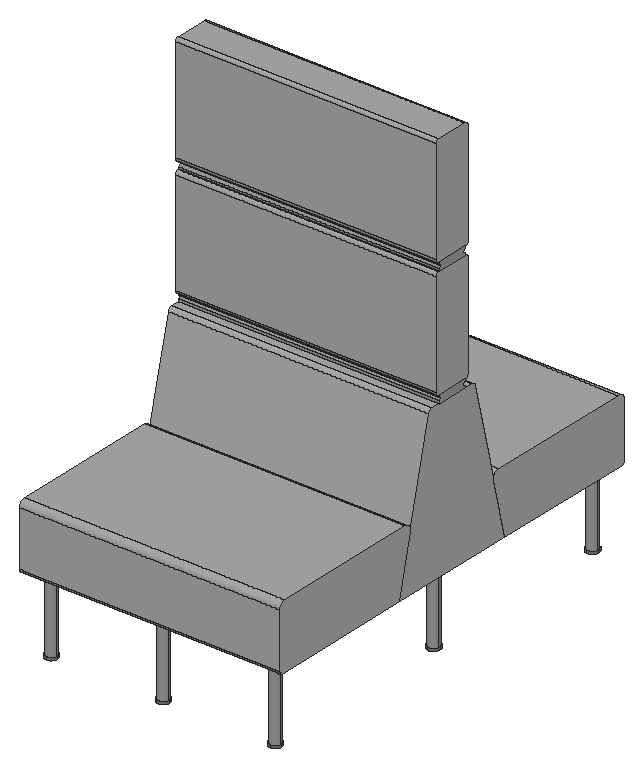
Revit family "Hive Straight Double Bench, Legs, Two Screens", category Furniture, Revit 2020
Family settings
  OmniClass Number = 23.40.20.00
  OmniClass Title = General Furniture and Specialties
  Work Plane-Based = No
  Always vertical = Yes
  Cut with Voids When Loaded = No
  Shared = No
  Room Calculation Point = No
Parameters (values of type "3150")
  UK Secondary Seat Count = 2
  UK Primary Seat Count = 2
  Seat Upholstery [instance] = Fabric, Unspecified
  Seat Top Upholstery [instance] = Fabric, Unspecified
  Screen Two Upholstery [instance] = Fabric, Unspecified
  Screen Two Top Upholstery [instance] = Fabric, Unspecified
  Screen One Upholstery [instance] = Fabric, Unspecified
  Screen One Top Upholstery [instance] = Fabric, Unspecified
  Screen 2 [instance] = yes
  Screen 1 [instance] = yes
  Power Module Screen 2 Front [instance] = no
  Power Module Screen 2 Back [instance] = no
  Power Module Screen 1 Front [instance] = no
  Power Module Screen 1 Back [instance] = no
  Plug = Palmer Hamilton Black Plastic
  Plate = Palmer Hamilton Alum
  No Legs [instance] = not(Legs)  # no
  Model = "SHL4C"
  Length = 2' - 7 127/256"
  Legs [instance] = yes
  LegRightOffset [instance] = if(Center Right Leg, 0' 0", 0' 2 3/16")  # 0' - 2 3/16"
  LegLeftOffset [instance] = if(Center Left Leg, 0' 0", 0' 2 3/16")  # 0' - 2 3/16"
  Leg [instance] = Palmer Hamilton - Aluminum
  Joint [instance] = Palmer Hamilton - Aluminum
  HS Seat Count = 2
  ES Seat Count = 2
  Default Elevation = 0' - 0"
  Cost = 2
  Center Right Leg [instance] = no
  Center Left Leg [instance] = no
  Back Upholstery [instance] = Fabric, Unspecified
  Back Top Upholstery [instance] = Fabric, Unspecified
Types (4): name | UK Secondary Seat Count | UK Primary Seat Count | Model | Length | HS Seat Count | ES Seat Count | Cost
  (no name) | 2 | 2 | "SHL4C" | 2' - 7 127/256" | 2 | 2 | 2
  4725 | 4 | 4 | "SHL5C" | 3' - 11 31/128" | 4 | 4 | 4
  6300 | 6 | 6 | "SHL6C" | 5' - 2 127/128" | 6 | 6 | 6
  3150 | 2 | 2 | "SHL4C" | 2' - 7 127/256" | 2 | 2 | 2
Reference planes (in)
  plane 1 "Center Front/Back": y = 0
  plane 2: z = 0
  plane 3 "Center Left/Right": x = 0
  plane 4: z = 1.25
  plane 5: x = -15.74805
  plane 6: x = -13.56055
  plane 7: x = 13.56055
  plane 8: x = 15.74805
Forms (in)
  Extrusion 1, solid, material "Palmer Hamilton Alum" <- "Plate", not visible
    sketch origin (7.98653, 21.60823, 0) x (1, 0, 0) y (0, 1, 0)
      loop
        line (0.875, 3.25) -> (-0.875, 3.25)
        arc (-0.875, 3.25) -> (-1.14017, 3.14017) -> (-1.25, 2.875) r 0.375
        line (-1.25, 2.875) -> (-1.25, -2.875)
        arc (-1.25, -2.875) -> (-1.14017, -3.14017) -> (-0.875, -3.25) r 0.375
        line (-0.875, -3.25) -> (0.875, -3.25)
        arc (0.875, -3.25) -> (1.14017, -3.14017) -> (1.25, -2.875) r 0.375
        line (1.25, -2.875) -> (1.25, 2.875)
        arc (1.25, 2.875) -> (1.14017, 3.14017) -> (0.875, 3.25) r 0.375
    from 0 to 0.0598
  Blend 2, solid, material "Palmer Hamilton Black Plastic" <- "Plug", not visible
    base sketch origin (7.98653, 21.60823, 0) x (1, 0, 0) y (0, 1, 0)
      loop
        line (-0.535, 1.788) -> (-0.535, 0.718) -> (0.535, 0.718) -> (0.535, 1.788) -> (-0.535, 1.788)
    top sketch origin (7.98653, 21.60823, 0) x (1, 0, 0) y (0, 1, 0)
      loop
        line (-0.46894, 1.72894) -> (-0.46894, 0.78406) -> (0.47594, 0.78406) -> (0.47594, 1.72894) -> (-0.46894, 1.72894)
    from 0.0598 to 0.1378
  Blend 3, solid, material "Palmer Hamilton Black Plastic" <- "Plug", not visible
    base sketch origin (7.98653, 21.60823, 0) x (1, 0, 0) y (0, 1, 0)
      loop
        line (-0.535, -1.788) -> (0.535, -1.788) -> (0.535, -0.718) -> (-0.535, -0.718) -> (-0.535, -1.788)
    top sketch origin (7.98653, 21.60823, 0) x (1, 0, 0) y (0, 1, 0)
      loop
        line (-0.46894, -1.72894) -> (0.47594, -1.72894) -> (0.47594, -0.78406) -> (-0.46894, -0.78406) -> (-0.46894, -1.72894)
    from 0.0598 to 0.1378
  Extrusion 4, solid, material "Palmer Hamilton Black Plastic" <- "Plug", not visible
    sketch origin (7.98653, 21.60823, 0) x (1, 0, 0) y (0, 1, 0)
      loop
        line (-0.288, 0.2665) -> (-0.288, -0.2665) -> (0.288, -0.2665) -> (0.288, 0.2665) -> (-0.288, 0.2665)
      loop
        line (-0.18864, 0.20185) -> (-0.18864, -0.20575) -> (-0.06116, -0.20575) -> (-0.06116, 0.20185) -> (-0.18864, 0.20185)
      loop
        line (0.06115, 0.20185) -> (0.06115, -0.20575) -> (0.18863, -0.20575) -> (0.18863, 0.20185) -> (0.06115, 0.20185)
    from 0.0598 to 0.11052
  Extrusion 5, void, not visible
    sketch origin (7.98653, 21.60823, 0) x (1, 0, 0) y (0, 1, 0)
      loop
        arc (-0.1165, 1.49056) -> (0.0035, 1.37056) -> (0.1235, 1.49056) r 0.12
        line (0.1235, 1.49056) -> (0.1235, 1.61056) -> (-0.1165, 1.61056) -> (-0.1165, 1.49056)
      loop
        line (-0.30278, 1.19556) -> (-0.30278, 0.84957) -> (-0.18628, 0.84957) -> (-0.18628, 1.19556) -> (-0.30278, 1.19556)
      loop
        line (0.19722, 1.16331) -> (0.19722, 0.88182) -> (0.31372, 0.88182) -> (0.31372, 1.16331) -> (0.19722, 1.16331)
    from 0.0598 to 0.1378
  Extrusion 6, void, not visible
    sketch origin (7.98653, 21.60823, 0) x (1, 0, 0) y (0, 1, 0)
      loop
        line (-0.1165, -1.49056) -> (-0.1165, -1.61056) -> (0.1235, -1.61056) -> (0.1235, -1.49056)
        arc (0.1235, -1.49056) -> (0.0035, -1.37056) -> (-0.1165, -1.49056) r 0.12
      loop
        line (-0.30278, -1.19556) -> (-0.18628, -1.19556) -> (-0.18628, -0.84957) -> (-0.30278, -0.84957) -> (-0.30278, -1.19556)
      loop
        line (0.19722, -1.16331) -> (0.31372, -1.16331) -> (0.31372, -0.88182) -> (0.19722, -0.88182) -> (0.19722, -1.16331)
    from 0.0598 to 0.1378
  Extrusion 7, solid, material "Fabric, Unspecified" <- "Back Upholstery", visible <- "No Legs"
    sketch origin (0.125, -48.4484, 0) x (0, -1, 0) y (0, 0, 1)
      loop
        line (-38.40629, 1.26168) -> (-44.97839, 27.62096)
        arc (-44.97839, 27.62096) -> (-45.15571, 27.89401) -> (-45.46354, 28) r 0.5
        line (-45.46354, 28) -> (-51.43326, 28)
        arc (-51.43326, 28) -> (-51.74109, 27.89401) -> (-51.91841, 27.62096) r 0.5
        line (-51.91841, 27.62096) -> (-58.49051, 1.26168) -> (-38.40629, 1.26168)
    from -15.62305 to 15.87305
  Extrusion 8, solid, material "Fabric, Unspecified" <- "Back Upholstery", visible <- "Legs"
    sketch origin (0.125, -48.4484, 0) x (0, -1, 0) y (0, 0, 1)
      loop
        line (-56.51438, 9.1875) -> (-40.38242, 9.1875) -> (-44.97839, 27.62096)
        arc (-44.97839, 27.62096) -> (-45.15571, 27.89401) -> (-45.46354, 28) r 0.5
        line (-45.46354, 28) -> (-51.43326, 28)
        arc (-51.43326, 28) -> (-51.74109, 27.89401) -> (-51.91841, 27.62096) r 0.5
        line (-51.91841, 27.62096) -> (-56.51438, 9.1875)
    from -15.62305 to 15.87305
  Extrusion 9, solid, material "Fabric, Unspecified" <- "Seat Upholstery", visible <- "Legs"
    sketch origin (0.125, -48.4484, 0) x (0, -1, 0) y (0, 0, 1)
      loop
        line (-74.43133, 16.25) -> (-74.43133, 9.5625)
        arc (-74.43133, 9.5625) -> (-74.32149, 9.29733) -> (-74.05633, 9.1875) r 0.375
        line (-74.05633, 9.1875) -> (-56.51438, 9.1875) -> (-54.79874, 16.06856)
        arc (-54.79874, 16.06856) -> (-54.93546, 16.71175) -> (-55.52647, 17) r 0.75
        line (-55.52647, 17) -> (-73.68133, 17)
        arc (-73.68133, 17) -> (-74.21166, 16.78033) -> (-74.43133, 16.25) r 0.75
    from -15.62305 to 15.87305
  Extrusion 10, solid, material "Fabric, Unspecified" <- "Seat Upholstery", visible <- "No Legs"
    sketch origin (0.125, -48.4484, 0) x (0, -1, 0) y (0, 0, 1)
      loop
        line (-74.46761, 16.06856) -> (-70.77293, 1.25) -> (-58.51598, 1.25) -> (-54.82129, 16.06856)
        arc (-54.82129, 16.06856) -> (-54.95801, 16.71175) -> (-55.54902, 17) r 0.75
        line (-55.54902, 17) -> (-73.73989, 17)
        arc (-73.73989, 17) -> (-74.3309, 16.71175) -> (-74.46761, 16.06856) r 0.75
    from -15.62305 to 15.87305
  Extrusion 11, solid, material "Palmer Hamilton - Aluminum" <- "Joint", visible <- "Screen 1"
    sketch origin (0.125, -48.45078, 0) x (0, -1, 0) y (0, 0, 1)
      loop
        line (-50.4124, 29) -> (-50.4124, 28.75) -> (-50.1624, 28.5) -> (-50.4124, 28.25) -> (-50.4124, 28) -> (-46.58858, 28) -> (-46.58858, 28.25) -> (-46.83858, 28.5) -> (-46.58858, 28.75) -> (-46.58858, 29) -> (-50.4124, 29)
    from -15.62305 to 15.87305
  Extrusion 12, solid, material "Fabric, Unspecified" <- "Screen One Upholstery", visible <- "Screen 1"
    sketch origin (0.125, -48.45078, 0) x (0, -1, 0) y (0, 0, 1)
      loop
        line (-50.81299, 42) -> (-50.81299, 29.375)
        arc (-50.81299, 29.375) -> (-50.70315, 29.10983) -> (-50.43799, 29) r 0.375
        line (-50.43799, 29) -> (-46.46358, 29)
        arc (-46.46358, 29) -> (-46.19842, 29.10983) -> (-46.08858, 29.375) r 0.375
        line (-46.08858, 29.375) -> (-46.08858, 42)
        arc (-46.08858, 42) -> (-46.19842, 42.26517) -> (-46.46358, 42.375) r 0.375
        line (-46.46358, 42.375) -> (-50.43799, 42.375)
        arc (-50.43799, 42.375) -> (-50.70315, 42.26517) -> (-50.81299, 42) r 0.375
    from -15.62305 to 15.87305
  Extrusion 13, solid, material "Fabric, Unspecified" <- "Seat Upholstery", visible <- "Legs"
    sketch origin (0.125, 48.45317, 0) x (0, 1, 0) y (0, 0, -1)
      loop
        arc (-74.43133, -16.25) -> (-74.21166, -16.78033) -> (-73.68133, -17) r 0.75
        line (-73.68133, -17) -> (-55.52647, -17)
        arc (-55.52647, -17) -> (-54.93546, -16.71175) -> (-54.79874, -16.06856) r 0.75
        line (-54.79874, -16.06856) -> (-56.51438, -9.1875) -> (-74.05633, -9.1875)
        arc (-74.05633, -9.1875) -> (-74.32149, -9.29733) -> (-74.43133, -9.5625) r 0.375
        line (-74.43133, -9.5625) -> (-74.43133, -16.25)
    from -15.62305 to 15.87305
  Extrusion 14, solid, material "Fabric, Unspecified" <- "Seat Upholstery", visible <- "No Legs"
    sketch origin (0.125, 48.45317, 0) x (0, 1, 0) y (0, 0, -1)
      loop
        arc (-74.46761, -16.06856) -> (-74.3309, -16.71175) -> (-73.73989, -17) r 0.75
        line (-73.73989, -17) -> (-55.54902, -17)
        arc (-55.54902, -17) -> (-54.95801, -16.71175) -> (-54.82129, -16.06856) r 0.75
        line (-54.82129, -16.06856) -> (-58.51598, -1.25) -> (-70.77293, -1.25) -> (-74.46761, -16.06856)
    from -15.62305 to 15.87305
  Extrusion 15, solid, material "Palmer Hamilton - Aluminum" <- "Joint", visible <- "Screen 2"
    sketch origin (0.125, -48.45078, 14.375) x (0, -1, 0) y (0, 0, 1)
      loop
        line (-50.4124, 29) -> (-50.4124, 28.75) -> (-50.1624, 28.5) -> (-50.4124, 28.25) -> (-50.4124, 28) -> (-46.58858, 28) -> (-46.58858, 28.25) -> (-46.83858, 28.5) -> (-46.58858, 28.75) -> (-46.58858, 29) -> (-50.4124, 29)
    from -15.62305 to 15.87305
  Extrusion 16, solid, material "Fabric, Unspecified" <- "Screen Two Upholstery", visible <- "Screen 2"
    sketch origin (0.125, -48.45078, 14.375) x (0, -1, 0) y (0, 0, 1)
      loop
        line (-50.81299, 42) -> (-50.81299, 29.375)
        arc (-50.81299, 29.375) -> (-50.70315, 29.10983) -> (-50.43799, 29) r 0.375
        line (-50.43799, 29) -> (-46.46358, 29)
        arc (-46.46358, 29) -> (-46.19842, 29.10983) -> (-46.08858, 29.375) r 0.375
        line (-46.08858, 29.375) -> (-46.08858, 42)
        arc (-46.08858, 42) -> (-46.19842, 42.26517) -> (-46.46358, 42.375) r 0.375
        line (-46.46358, 42.375) -> (-50.43799, 42.375)
        arc (-50.43799, 42.375) -> (-50.70315, 42.26517) -> (-50.81299, 42) r 0.375
    from -15.62305 to 15.87305
  Extrusion 17, solid, material "Palmer Hamilton Alum" <- "Plate", visible <- "Power Module Screen 1 Front"
    sketch origin (-13.45651, -2.3622, 35.6875) x (1, 0, 0) y (0, 0, 1)
      loop
        line (14.33151, 3.25) -> (12.58151, 3.25)
        arc (12.58151, 3.25) -> (12.31635, 3.14017) -> (12.20651, 2.875) r 0.375
        line (12.20651, 2.875) -> (12.20651, -2.875)
        arc (12.20651, -2.875) -> (12.31635, -3.14017) -> (12.58151, -3.25) r 0.375
        line (12.58151, -3.25) -> (14.33151, -3.25)
        arc (14.33151, -3.25) -> (14.59668, -3.14017) -> (14.70651, -2.875) r 0.375
        line (14.70651, -2.875) -> (14.70651, 2.875)
        arc (14.70651, 2.875) -> (14.59668, 3.14017) -> (14.33151, 3.25) r 0.375
    from 0 to 0.0598
  Blend 18, solid, material "Palmer Hamilton Black Plastic" <- "Plug", visible <- "Power Module Screen 1 Front"
    base sketch origin (-13.45651, -2.3622, 35.6875) x (1, 0, 0) y (0, 0, 1)
      loop
        line (12.92151, 1.788) -> (12.92151, 0.718) -> (13.99151, 0.718) -> (13.99151, 1.788) -> (12.92151, 1.788)
    top sketch origin (-13.45651, -2.3622, 35.6875) x (1, 0, 0) y (0, 0, 1)
      loop
        line (12.98758, 1.72894) -> (12.98758, 0.78406) -> (13.93246, 0.78406) -> (13.93246, 1.72894) -> (12.98758, 1.72894)
    from 0.0598 to 0.1378
  Blend 19, solid, material "Palmer Hamilton Black Plastic" <- "Plug", visible <- "Power Module Screen 1 Front"
    base sketch origin (-13.45651, -2.3622, 35.6875) x (1, 0, 0) y (0, 0, 1)
      loop
        line (12.92151, -1.788) -> (13.99151, -1.788) -> (13.99151, -0.718) -> (12.92151, -0.718) -> (12.92151, -1.788)
    top sketch origin (-13.45651, -2.3622, 35.6875) x (1, 0, 0) y (0, 0, 1)
      loop
        line (12.98758, -1.72894) -> (13.93246, -1.72894) -> (13.93246, -0.78406) -> (12.98758, -0.78406) -> (12.98758, -1.72894)
    from 0.0598 to 0.1378
  Extrusion 20, solid, material "Palmer Hamilton Black Plastic" <- "Plug", visible <- "Power Module Screen 1 Front"
    sketch origin (-13.45651, -2.3622, 35.6875) x (1, 0, 0) y (0, 0, 1)
      loop
        line (13.16851, 0.2665) -> (13.16851, -0.2665) -> (13.74451, -0.2665) -> (13.74451, 0.2665) -> (13.16851, 0.2665)
      loop
        line (13.26788, 0.20185) -> (13.26788, -0.20575) -> (13.39536, -0.20575) -> (13.39536, 0.20185) -> (13.26788, 0.20185)
      loop
        line (13.51766, 0.20185) -> (13.51766, -0.20575) -> (13.64514, -0.20575) -> (13.64514, 0.20185) -> (13.51766, 0.20185)
    from 0.0598 to 0.11052
  Extrusion 21, solid, material "Palmer Hamilton Alum" <- "Plate", visible <- "Power Module Screen 2 Front"
    sketch origin (-13.45651, -2.3622, 50.0625) x (1, 0, 0) y (0, 0, 1)
      loop
        line (14.33151, 3.25) -> (12.58151, 3.25)
        arc (12.58151, 3.25) -> (12.31635, 3.14017) -> (12.20651, 2.875) r 0.375
        line (12.20651, 2.875) -> (12.20651, -2.875)
        arc (12.20651, -2.875) -> (12.31635, -3.14017) -> (12.58151, -3.25) r 0.375
        line (12.58151, -3.25) -> (14.33151, -3.25)
        arc (14.33151, -3.25) -> (14.59668, -3.14017) -> (14.70651, -2.875) r 0.375
        line (14.70651, -2.875) -> (14.70651, 2.875)
        arc (14.70651, 2.875) -> (14.59668, 3.14017) -> (14.33151, 3.25) r 0.375
    from 0 to 0.0598
  Blend 22, solid, material "Palmer Hamilton Black Plastic" <- "Plug", visible <- "Power Module Screen 2 Front"
    base sketch origin (-13.45651, -2.3622, 50.0625) x (1, 0, 0) y (0, 0, 1)
      loop
        line (12.92151, 1.788) -> (12.92151, 0.718) -> (13.99151, 0.718) -> (13.99151, 1.788) -> (12.92151, 1.788)
    top sketch origin (-13.45651, -2.3622, 50.0625) x (1, 0, 0) y (0, 0, 1)
      loop
        line (12.98758, 1.72894) -> (12.98758, 0.78406) -> (13.93246, 0.78406) -> (13.93246, 1.72894) -> (12.98758, 1.72894)
    from 0.0598 to 0.1378
  Blend 23, solid, material "Palmer Hamilton Black Plastic" <- "Plug", visible <- "Power Module Screen 2 Front"
    base sketch origin (-13.45651, -2.3622, 50.0625) x (1, 0, 0) y (0, 0, 1)
      loop
        line (12.92151, -1.788) -> (13.99151, -1.788) -> (13.99151, -0.718) -> (12.92151, -0.718) -> (12.92151, -1.788)
    top sketch origin (-13.45651, -2.3622, 50.0625) x (1, 0, 0) y (0, 0, 1)
      loop
        line (12.98758, -1.72894) -> (13.93246, -1.72894) -> (13.93246, -0.78406) -> (12.98758, -0.78406) -> (12.98758, -1.72894)
    from 0.0598 to 0.1378
  Extrusion 24, solid, material "Palmer Hamilton Black Plastic" <- "Plug", visible <- "Power Module Screen 2 Front"
    sketch origin (-13.45651, -2.3622, 50.0625) x (1, 0, 0) y (0, 0, 1)
      loop
        line (13.16851, 0.2665) -> (13.16851, -0.2665) -> (13.74451, -0.2665) -> (13.74451, 0.2665) -> (13.16851, 0.2665)
      loop
        line (13.26788, 0.20185) -> (13.26788, -0.20575) -> (13.39536, -0.20575) -> (13.39536, 0.20185) -> (13.26788, 0.20185)
      loop
        line (13.51766, 0.20185) -> (13.51766, -0.20575) -> (13.64514, -0.20575) -> (13.64514, 0.20185) -> (13.51766, 0.20185)
    from 0.0598 to 0.11052
  Extrusion 25, solid, material "Palmer Hamilton Alum" <- "Plate", visible <- "Power Module Screen 1 Back"
    sketch origin (-13.45651, 2.3622, 35.6875) x (1, 0, 0) y (0, 0, -1)
      loop
        arc (14.33151, -3.25) -> (14.59668, -3.14017) -> (14.70651, -2.875) r 0.375
        line (14.70651, -2.875) -> (14.70651, 2.875)
        arc (14.70651, 2.875) -> (14.59668, 3.14017) -> (14.33151, 3.25) r 0.375
        line (14.33151, 3.25) -> (12.58151, 3.25)
        arc (12.58151, 3.25) -> (12.31635, 3.14017) -> (12.20651, 2.875) r 0.375
        line (12.20651, 2.875) -> (12.20651, -2.875)
        arc (12.20651, -2.875) -> (12.31635, -3.14017) -> (12.58151, -3.25) r 0.375
        line (12.58151, -3.25) -> (14.33151, -3.25)
    from 0 to 0.0598
  Blend 26, solid, material "Palmer Hamilton Black Plastic" <- "Plug", visible <- "Power Module Screen 1 Back"
    base sketch origin (-13.45651, 2.3622, 35.6875) x (1, 0, 0) y (0, 0, -1)
      loop
        line (12.92151, -1.788) -> (13.99151, -1.788) -> (13.99151, -0.718) -> (12.92151, -0.718) -> (12.92151, -1.788)
    top sketch origin (-13.45651, 2.3622, 35.6875) x (1, 0, 0) y (0, 0, -1)
      loop
        line (12.98758, -1.72894) -> (13.93246, -1.72894) -> (13.93246, -0.78406) -> (12.98758, -0.78406) -> (12.98758, -1.72894)
    from 0.0598 to 0.1378
  Blend 27, solid, material "Palmer Hamilton Black Plastic" <- "Plug", visible <- "Power Module Screen 1 Back"
    base sketch origin (-13.45651, 2.3622, 35.6875) x (1, 0, 0) y (0, 0, -1)
      loop
        line (12.92151, 1.788) -> (12.92151, 0.718) -> (13.99151, 0.718) -> (13.99151, 1.788) -> (12.92151, 1.788)
    top sketch origin (-13.45651, 2.3622, 35.6875) x (1, 0, 0) y (0, 0, -1)
      loop
        line (12.98758, 1.72894) -> (12.98758, 0.78406) -> (13.93246, 0.78406) -> (13.93246, 1.72894) -> (12.98758, 1.72894)
    from 0.0598 to 0.1378
  Extrusion 28, solid, material "Palmer Hamilton Black Plastic" <- "Plug", visible <- "Power Module Screen 1 Back"
    sketch origin (-13.45651, 2.3622, 35.6875) x (1, 0, 0) y (0, 0, -1)
      loop
        line (13.16851, -0.2665) -> (13.74451, -0.2665) -> (13.74451, 0.2665) -> (13.16851, 0.2665) -> (13.16851, -0.2665)
      loop
        line (13.26788, -0.20185) -> (13.39536, -0.20185) -> (13.39536, 0.20575) -> (13.26788, 0.20575) -> (13.26788, -0.20185)
      loop
        line (13.51766, -0.20185) -> (13.64514, -0.20185) -> (13.64514, 0.20575) -> (13.51766, 0.20575) -> (13.51766, -0.20185)
    from 0.0598 to 0.11052
  Extrusion 29, solid, material "Palmer Hamilton Alum" <- "Plate", visible <- "Power Module Screen 2 Back"
    sketch origin (-13.45651, 2.3622, 50.0625) x (1, 0, 0) y (0, 0, -1)
      loop
        arc (14.33151, -3.25) -> (14.59668, -3.14017) -> (14.70651, -2.875) r 0.375
        line (14.70651, -2.875) -> (14.70651, 2.875)
        arc (14.70651, 2.875) -> (14.59668, 3.14017) -> (14.33151, 3.25) r 0.375
        line (14.33151, 3.25) -> (12.58151, 3.25)
        arc (12.58151, 3.25) -> (12.31635, 3.14017) -> (12.20651, 2.875) r 0.375
        line (12.20651, 2.875) -> (12.20651, -2.875)
        arc (12.20651, -2.875) -> (12.31635, -3.14017) -> (12.58151, -3.25) r 0.375
        line (12.58151, -3.25) -> (14.33151, -3.25)
    from 0 to 0.0598
  Blend 30, solid, material "Palmer Hamilton Black Plastic" <- "Plug", visible <- "Power Module Screen 2 Back"
    base sketch origin (-13.45651, 2.3622, 50.0625) x (1, 0, 0) y (0, 0, -1)
      loop
        line (12.92151, -1.788) -> (13.99151, -1.788) -> (13.99151, -0.718) -> (12.92151, -0.718) -> (12.92151, -1.788)
    top sketch origin (-13.45651, 2.3622, 50.0625) x (1, 0, 0) y (0, 0, -1)
      loop
        line (12.98758, -1.72894) -> (13.93246, -1.72894) -> (13.93246, -0.78406) -> (12.98758, -0.78406) -> (12.98758, -1.72894)
    from 0.0598 to 0.1378
  Blend 31, solid, material "Palmer Hamilton Black Plastic" <- "Plug", visible <- "Power Module Screen 2 Back"
    base sketch origin (-13.45651, 2.3622, 50.0625) x (1, 0, 0) y (0, 0, -1)
      loop
        line (12.92151, 1.788) -> (12.92151, 0.718) -> (13.99151, 0.718) -> (13.99151, 1.788) -> (12.92151, 1.788)
    top sketch origin (-13.45651, 2.3622, 50.0625) x (1, 0, 0) y (0, 0, -1)
      loop
        line (12.98758, 1.72894) -> (12.98758, 0.78406) -> (13.93246, 0.78406) -> (13.93246, 1.72894) -> (12.98758, 1.72894)
    from 0.0598 to 0.1378
  Extrusion 32, solid, material "Palmer Hamilton Black Plastic" <- "Plug", visible <- "Power Module Screen 2 Back"
    sketch origin (-13.45651, 2.3622, 50.0625) x (1, 0, 0) y (0, 0, -1)
      loop
        line (13.16851, -0.2665) -> (13.74451, -0.2665) -> (13.74451, 0.2665) -> (13.16851, 0.2665) -> (13.16851, -0.2665)
      loop
        line (13.26788, -0.20185) -> (13.39536, -0.20185) -> (13.39536, 0.20575) -> (13.26788, 0.20575) -> (13.26788, -0.20185)
      loop
        line (13.51766, -0.20185) -> (13.64514, -0.20185) -> (13.64514, 0.20575) -> (13.51766, 0.20575) -> (13.51766, -0.20185)
    from 0.0598 to 0.11052
  Extrusion 33, solid, material "Palmer Hamilton - Aluminum" <- "Leg", visible <- "Legs"
    sketch origin (0, 0, 0) x (1, 0, 0) y (0, 1, 0)
      loop
        circle (-13.56055, 23.99568) r 0.625
      loop
        circle (-13.56055, -23.9553) r 0.625
      loop
        circle (-13.56055, 0) r 0.625
    from 0.25 to 12
  Extrusion 34, solid, material "Palmer Hamilton - Aluminum" <- "Leg", visible <- "Legs"
    sketch origin (0, 0, 0) x (1, 0, 0) y (0, 1, 0)
      loop
        circle (13.56055, 23.98556) r 0.625
      loop
        circle (13.56055, 0) r 0.625
      loop
        circle (13.56055, -23.97029) r 0.625
    from 0.25 to 12
  Extrusion 35, solid, material "Palmer Hamilton Black Plastic", visible <- "Legs"
    sketch origin (0, 0, 0) x (1, 0, 0) y (0, 1, 0)
      loop
        circle (-13.56055, -23.9553) r 0.75
      loop
        circle (-13.56055, 0) r 0.75
      loop
        circle (-13.56055, 23.99568) r 0.75
    from 0 to 0.25
  Extrusion 36, solid, material "Palmer Hamilton Black Plastic", visible <- "Legs"
    sketch origin (0, 0, 0) x (1, 0, 0) y (0, 1, 0)
      loop
        circle (13.56055, 23.98556) r 0.75
      loop
        circle (13.56055, 0) r 0.75
      loop
        circle (13.56055, -23.97029) r 0.75
    from 0 to 0.25
  Extrusion 37, solid, material "Palmer Hamilton Black Plastic", visible <- "Legs"
    sketch origin (0, 0, 0) x (1, 0, 0) y (0, 1, 0)
      loop
        circle (0, 23.99063) r 0.75
      loop
        circle (0, 0) r 0.75
      loop
        circle (0, -23.95855) r 0.75
    from 0 to 0.25
  Extrusion 38, solid, material "Palmer Hamilton - Aluminum" <- "Leg", visible <- "Legs"
    sketch origin (0, 0, 0) x (1, 0, 0) y (0, 1, 0)
      loop
        circle (0, -23.95855) r 0.625
      loop
        circle (0, 0) r 0.625
      loop
        circle (0, 23.99063) r 0.625
    from 0.25 to 12
  Extrusion 39, solid, material "Palmer Hamilton Black Plastic", visible <- "No Legs"
    sketch origin (0, 0, 0) x (1, 0, 0) y (0, 1, 0)
      loop
        circle (-13.56055, 20.32453) r 0.75
      loop
        circle (-13.56055, 0) r 0.75
      loop
        circle (-13.56055, -20.31976) r 0.75
    from 0 to 2
  Extrusion 40, solid, material "Palmer Hamilton Black Plastic", visible <- "No Legs"
    sketch origin (0, 0, 0) x (1, 0, 0) y (0, 1, 0)
      loop
        circle (13.56055, 20.32453) r 0.75
      loop
        circle (13.56055, 0) r 0.75
      loop
        circle (13.56055, -20.31976) r 0.75
    from 0 to 2
  Extrusion 41, solid, material "Palmer Hamilton Black Plastic", visible <- "No Legs"
    sketch origin (0, 0, 0) x (1, 0, 0) y (0, 1, 0)
      loop
        circle (0, 20.32453) r 0.75
      loop
        circle (0, 0) r 0.75
      loop
        circle (0, -20.31976) r 0.75
    from 0 to 2
  Extrusion 42, solid, material "Palmer Hamilton Alum" <- "Plate", not visible
    sketch origin (13.45651, -24.30093, 9.20449) x (-1, 0, 0) y (0, 0.246561, -0.969127)
      loop
        arc (14.33151, -3.25) -> (14.59668, -3.14017) -> (14.70651, -2.875) r 0.375
        line (14.70651, -2.875) -> (14.70651, 2.875)
        arc (14.70651, 2.875) -> (14.59668, 3.14017) -> (14.33151, 3.25) r 0.375
        line (14.33151, 3.25) -> (12.58151, 3.25)
        arc (12.58151, 3.25) -> (12.31635, 3.14017) -> (12.20651, 2.875) r 0.375
        line (12.20651, 2.875) -> (12.20651, -2.875)
        arc (12.20651, -2.875) -> (12.31635, -3.14017) -> (12.58151, -3.25) r 0.375
        line (12.58151, -3.25) -> (14.33151, -3.25)
    from 0 to 0.0598
  Blend 43, solid, material "Palmer Hamilton Black Plastic" <- "Plug", not visible
    base sketch origin (13.45651, -24.30093, 9.20449) x (-1, 0, 0) y (0, 0.246561, -0.969127)
      loop
        line (12.92151, -1.788) -> (13.99151, -1.788) -> (13.99151, -0.718) -> (12.92151, -0.718) -> (12.92151, -1.788)
    top sketch origin (13.45651, -24.30093, 9.20449) x (-1, 0, 0) y (0, 0.246561, -0.969127)
      loop
        line (12.98758, -1.72894) -> (13.93246, -1.72894) -> (13.93246, -0.78406) -> (12.98758, -0.78406) -> (12.98758, -1.72894)
    from 0 to 0.1378
  Blend 44, solid, material "Palmer Hamilton Black Plastic" <- "Plug", not visible
    base sketch origin (13.45651, -24.30093, 9.20449) x (-1, 0, 0) y (0, 0.246561, -0.969127)
      loop
        line (12.92151, 1.788) -> (12.92151, 0.718) -> (13.99151, 0.718) -> (13.99151, 1.788) -> (12.92151, 1.788)
    top sketch origin (13.45651, -24.30093, 9.20449) x (-1, 0, 0) y (0, 0.246561, -0.969127)
      loop
        line (12.98758, 1.72894) -> (12.98758, 0.78406) -> (13.93246, 0.78406) -> (13.93246, 1.72894) -> (12.98758, 1.72894)
    from 0 to 0.1378
  Extrusion 45, solid, material "Palmer Hamilton Black Plastic" <- "Plug", not visible
    sketch origin (13.45651, -24.30093, 9.20449) x (-1, 0, 0) y (0, 0.246561, -0.969127)
      loop
        line (13.16851, -0.2665) -> (13.74451, -0.2665) -> (13.74451, 0.2665) -> (13.16851, 0.2665) -> (13.16851, -0.2665)
      loop
        line (13.26788, -0.20185) -> (13.39536, -0.20185) -> (13.39536, 0.20575) -> (13.26788, 0.20575) -> (13.26788, -0.20185)
      loop
        line (13.51766, -0.20185) -> (13.64514, -0.20185) -> (13.64514, 0.20575) -> (13.51766, 0.20575) -> (13.51766, -0.20185)
    from 0.0598 to 0.1378
  Extrusion 46, solid, material "Palmer Hamilton Alum" <- "Plate", not visible
    sketch origin (13.45651, 24.30093, 9.20449) x (-1, 0, 0) y (0, 0.246561, 0.969127)
      loop
        line (14.33151, 3.25) -> (12.58151, 3.25)
        arc (12.58151, 3.25) -> (12.31635, 3.14017) -> (12.20651, 2.875) r 0.375
        line (12.20651, 2.875) -> (12.20651, -2.875)
        arc (12.20651, -2.875) -> (12.31635, -3.14017) -> (12.58151, -3.25) r 0.375
        line (12.58151, -3.25) -> (14.33151, -3.25)
        arc (14.33151, -3.25) -> (14.59668, -3.14017) -> (14.70651, -2.875) r 0.375
        line (14.70651, -2.875) -> (14.70651, 2.875)
        arc (14.70651, 2.875) -> (14.59668, 3.14017) -> (14.33151, 3.25) r 0.375
    from 0 to 0.0598
  Blend 47, solid, material "Palmer Hamilton Black Plastic" <- "Plug", not visible
    base sketch origin (13.45651, 24.30093, 9.20449) x (-1, 0, 0) y (0, 0.246561, 0.969127)
      loop
        line (12.92151, 1.788) -> (12.92151, 0.718) -> (13.99151, 0.718) -> (13.99151, 1.788) -> (12.92151, 1.788)
    top sketch origin (13.45651, 24.30093, 9.20449) x (-1, 0, 0) y (0, 0.246561, 0.969127)
      loop
        line (12.98758, 1.72894) -> (12.98758, 0.78406) -> (13.93246, 0.78406) -> (13.93246, 1.72894) -> (12.98758, 1.72894)
    from 0 to 0.1378
  Blend 48, solid, material "Palmer Hamilton Black Plastic" <- "Plug", not visible
    base sketch origin (13.45651, 24.30093, 9.20449) x (-1, 0, 0) y (0, 0.246561, 0.969127)
      loop
        line (12.92151, -1.788) -> (13.99151, -1.788) -> (13.99151, -0.718) -> (12.92151, -0.718) -> (12.92151, -1.788)
    top sketch origin (13.45651, 24.30093, 9.20449) x (-1, 0, 0) y (0, 0.246561, 0.969127)
      loop
        line (12.98758, -1.72894) -> (13.93246, -1.72894) -> (13.93246, -0.78406) -> (12.98758, -0.78406) -> (12.98758, -1.72894)
    from 0 to 0.1378
  Extrusion 49, solid, material "Palmer Hamilton Black Plastic" <- "Plug", not visible
    sketch origin (13.45651, 24.30093, 9.20449) x (-1, 0, 0) y (0, 0.246561, 0.969127)
      loop
        line (13.16851, 0.2665) -> (13.16851, -0.2665) -> (13.74451, -0.2665) -> (13.74451, 0.2665) -> (13.16851, 0.2665)
      loop
        line (13.26788, 0.20185) -> (13.26788, -0.20575) -> (13.39536, -0.20575) -> (13.39536, 0.20185) -> (13.26788, 0.20185)
      loop
        line (13.51766, 0.20185) -> (13.51766, -0.20575) -> (13.64514, -0.20575) -> (13.64514, 0.20185) -> (13.51766, 0.20185)
    from 0.0598 to 0.1378
Dimensions and locks (in)
  equal spacing: plane 5, plane 3 "Center Left/Right", plane 8
  "Length": plane 5 to plane 8
  "LegLeftOffset": plane 5 to plane 6
  "LegRightOffset": plane 7 to plane 8
  aligned and locked: level to plane 2
  aligned and locked: Extrusion 10 to plane 5
  aligned and locked: Extrusion 9 to plane 5
  aligned and locked: Extrusion 8 to plane 5
  aligned and locked: Extrusion 14 to plane 5
  aligned and locked: Extrusion 13 to Extrusion 14
  aligned and locked: Extrusion 7 to Extrusion 8  (x2)
  aligned and locked: plane 8 to Extrusion 14
  aligned and locked: plane 8 to Extrusion 13
  aligned and locked: plane 8 to Extrusion 8
  aligned and locked: plane 8 to Extrusion 10
  aligned and locked: plane 8 to Extrusion 9
  aligned and locked: plane 8 to Extrusion 12
  aligned and locked: plane 8 to Extrusion 11
  aligned and locked: Extrusion 12 to plane 5
  aligned and locked: Extrusion 11 to Extrusion 14
  aligned and locked: plane 8 to Extrusion 16
  aligned and locked: plane 8 to Extrusion 15
  aligned and locked: Extrusion 16 to plane 5
  aligned and locked: Extrusion 15 to plane 5
  aligned and locked: Blend 44 to Blend 43
  aligned and locked: Extrusion 45 to Blend 43
  aligned and locked: Extrusion 45 to Extrusion 42
  aligned and locked: Blend 48 to Blend 47
  aligned and locked: Extrusion 49 to Blend 47
  aligned and locked: Extrusion 46 to Extrusion 49
Automatic sketch dimensions
  Extrusion 1 sketch curve to Extrusion 1 sketch curve = 0' - 0 3/8"  (x3)
  Extrusion 1 sketch curve to Extrusion 1 sketch curve = 0' - 1 3/4"  (x2)
  Extrusion 1 sketch curve to Extrusion 1 sketch curve = 0' - 5 3/4"
  Blend 2 sketch curve to Blend 2 sketch curve = 0' - 1.07"  (x2)
  Blend 2 sketch curve to Blend 2 sketch curve = 0' - 0.94488"  (x2)
  Blend 3 sketch curve to Blend 3 sketch curve = 0' - 1.07"  (x2)
  Blend 3 sketch curve to Blend 3 sketch curve = 0' - 0.94488"  (x2)
  Extrusion 4 sketch curve to Extrusion 4 sketch curve = 0' - 0.09936"
  Extrusion 4 sketch curve to Extrusion 4 sketch curve = 0' - 0.12748"  (x2)
  Extrusion 4 sketch curve to Extrusion 4 sketch curve = 0' - 0.1223"
  Extrusion 4 sketch curve to Extrusion 4 sketch curve = 0' - 0.09937"
  Extrusion 4 sketch curve to Extrusion 4 sketch curve = 0' - 0.06075"
  Extrusion 4 sketch curve to Extrusion 4 sketch curve = 0' - 0"  (x2)
  Extrusion 4 sketch curve to Extrusion 4 sketch curve = 0' - 0.4076"
  Extrusion 4 sketch curve to Extrusion 4 sketch curve = 0' - 0.06465"
  Extrusion 5 sketch curve to Extrusion 5 sketch curve = 0' - 0.1165"  (x2)
  Extrusion 5 sketch curve to Extrusion 5 sketch curve = 0' - 0.06978"
  Extrusion 5 sketch curve to Extrusion 5 sketch curve = 0' - 0.12"  (x2)
  Extrusion 5 sketch curve to Extrusion 5 sketch curve = 0' - 0.07372"
  Extrusion 5 sketch curve to Extrusion 5 sketch curve = 0' - 0.03224"
  Extrusion 5 sketch curve to Extrusion 5 sketch curve = 0' - 0.2815"
  Extrusion 5 sketch curve to Extrusion 5 sketch curve = 0' - 0.34598"
  Extrusion 5 sketch curve to Extrusion 5 sketch curve = 0' - 0.295"
  Extrusion 6 sketch curve to Extrusion 6 sketch curve = 0' - 0.1165"  (x2)
  Extrusion 6 sketch curve to Extrusion 6 sketch curve = 0' - 0.06978"
  Extrusion 6 sketch curve to Extrusion 6 sketch curve = 0' - 0.12"  (x2)
  Extrusion 6 sketch curve to Extrusion 6 sketch curve = 0' - 0.07372"
  Extrusion 6 sketch curve to Extrusion 6 sketch curve = 0' - 0.03224"
  Extrusion 6 sketch curve to Extrusion 6 sketch curve = 0' - 0.2815"
  Extrusion 6 sketch curve to Extrusion 6 sketch curve = 0' - 0.34598"
  Extrusion 6 sketch curve to Extrusion 6 sketch curve = 0' - 0.295"
  plane 4 to Extrusion 7 sketch curve = 0' - 0.01168"
  Extrusion 7 sketch curve to plane 1 "Center Front/Back" = 0' - 10.04211"
  Extrusion 7 sketch curve to plane 1 "Center Front/Back" = 0' - 3.47001"
  Extrusion 7 sketch curve to Extrusion 7 sketch curve = 0' - 0.48515"  (x2)
  plane 1 "Center Front/Back" to Extrusion 7 sketch curve = 0' - 2.98486"
  plane 1 "Center Front/Back" to Extrusion 7 sketch curve = 0' - 10.04211"
  plane 4 to Extrusion 7 sketch curve = 2' - 2 1/4"
  Extrusion 7 sketch curve to Extrusion 7 sketch curve = 0' - 0"
  Extrusion 7 sketch curve to Extrusion 7 sketch curve = 0' - 0.12096"
  Extrusion 8 sketch curve to plane 1 "Center Front/Back" = 0' - 8.06598"
  Extrusion 8 sketch curve to plane 1 "Center Front/Back" = 0' - 3.47001"
  Extrusion 8 sketch curve to Extrusion 8 sketch curve = 0' - 0.48515"  (x2)
  plane 1 "Center Front/Back" to Extrusion 8 sketch curve = 0' - 2.98486"
  plane 1 "Center Front/Back" to Extrusion 8 sketch curve = 0' - 8.06598"
  plane 4 to Extrusion 8 sketch curve = 0' - 7 15/16"
  Extrusion 8 sketch curve to Extrusion 8 sketch curve = 1' - 6 5/16"
  Extrusion 8 sketch curve to Extrusion 8 sketch curve = 0' - 0"
  Extrusion 8 sketch curve to Extrusion 8 sketch curve = 0' - 0.12096"
  Extrusion 9 sketch curve to plane 1 "Center Front/Back" = 2' - 1.98293"
  Extrusion 9 sketch curve to Extrusion 9 sketch curve = 0' - 0 3/8"
  Extrusion 9 sketch curve to Extrusion 9 sketch curve = 0' - 0 3/4"
  Extrusion 9 sketch curve to plane 1 "Center Front/Back" = 0' - 8.06598"
  Extrusion 9 sketch curve to plane 1 "Center Front/Back" = 0' - 7.07807"
  Extrusion 9 sketch curve to Extrusion 9 sketch curve = 0' - 0.72772"
  plane 4 to Extrusion 9 sketch curve = 0' - 7 15/16"
  Extrusion 9 sketch curve to Extrusion 9 sketch curve = 0' - 6.88106"
  Extrusion 9 sketch curve to Extrusion 9 sketch curve = 0' - 0.18144"
  Extrusion 10 sketch curve to plane 4 = 0' - 0"
  Extrusion 10 sketch curve to plane 1 "Center Front/Back" = 2' - 2.01921"
  Extrusion 10 sketch curve to Extrusion 10 sketch curve = 0' - 0.72772"  (x2)
  Extrusion 10 sketch curve to Extrusion 10 sketch curve = 0' - 3.69468"
  Extrusion 10 sketch curve to plane 1 "Center Front/Back" = 0' - 10.06758"
  Extrusion 10 sketch curve to plane 1 "Center Front/Back" = 0' - 7.10061"
  plane 4 to Extrusion 10 sketch curve = 1' - 2.81856"  (x2)
  Extrusion 10 sketch curve to Extrusion 10 sketch curve = 0' - 0.18144"
  Extrusion 11 sketch curve to plane 1 "Center Front/Back" = 0' - 1.96162"
  Extrusion 11 sketch curve to Extrusion 11 sketch curve = 0' - 0"
  Extrusion 11 sketch curve to Extrusion 11 sketch curve = 0' - 0 1/4"  (x8)
  plane 1 "Center Front/Back" to Extrusion 11 sketch curve = 0' - 1.6122"
  plane 4 to Extrusion 11 sketch curve = 2' - 2 3/4"
  Extrusion 12 sketch curve to plane 1 "Center Front/Back" = 0' - 2.3622"
  Extrusion 12 sketch curve to Extrusion 12 sketch curve = 0' - 0 3/8"  (x3)
  plane 1 "Center Front/Back" to Extrusion 12 sketch curve = 0' - 1.9872"  (x2)
  plane 4 to Extrusion 12 sketch curve = 2' - 3 3/4"
  Extrusion 12 sketch curve to Extrusion 12 sketch curve = 1' - 0 5/8"
  plane 1 "Center Front/Back" to Extrusion 13 sketch curve = 2' - 1.97816"
  Extrusion 13 sketch curve to Extrusion 13 sketch curve = 0' - 0 3/8"
  Extrusion 13 sketch curve to Extrusion 13 sketch curve = 0' - 0 3/4"  (x2)
  plane 1 "Center Front/Back" to Extrusion 13 sketch curve = 0' - 8.06122"
  plane 1 "Center Front/Back" to Extrusion 13 sketch curve = 0' - 7.0733"
  Extrusion 13 sketch curve to Extrusion 13 sketch curve = 0' - 0.72772"
  plane 4 to Extrusion 13 sketch curve = 1' - 3 3/4"
  Extrusion 13 sketch curve to Extrusion 13 sketch curve = 0' - 6 11/16"
  Extrusion 14 sketch curve to plane 4 = 0' - 0"
  plane 1 "Center Front/Back" to Extrusion 14 sketch curve = 2' - 2.01444"
  Extrusion 14 sketch curve to Extrusion 14 sketch curve = 0' - 0.72772"  (x2)
  Extrusion 14 sketch curve to Extrusion 14 sketch curve = 0' - 3.69468"
  plane 1 "Center Front/Back" to Extrusion 14 sketch curve = 0' - 10.06281"
  plane 1 "Center Front/Back" to Extrusion 14 sketch curve = 0' - 7.09585"
  plane 4 to Extrusion 14 sketch curve = 1' - 2.81856"  (x2)
  Extrusion 14 sketch curve to Extrusion 14 sketch curve = 0' - 0.18144"
  Extrusion 15 sketch curve to plane 1 "Center Front/Back" = 0' - 1.96162"
  Extrusion 15 sketch curve to Extrusion 15 sketch curve = 0' - 0"
  Extrusion 15 sketch curve to Extrusion 15 sketch curve = 0' - 0 1/4"  (x8)
  plane 1 "Center Front/Back" to Extrusion 15 sketch curve = 0' - 1.6122"
  plane 4 to Extrusion 15 sketch curve = 3' - 5 1/8"
  Extrusion 16 sketch curve to plane 1 "Center Front/Back" = 0' - 2.3622"
  Extrusion 16 sketch curve to Extrusion 16 sketch curve = 0' - 0 3/8"  (x3)
  plane 1 "Center Front/Back" to Extrusion 16 sketch curve = 0' - 1.9872"  (x2)
  plane 4 to Extrusion 16 sketch curve = 3' - 6 1/8"
  Extrusion 16 sketch curve to Extrusion 16 sketch curve = 1' - 0 5/8"
  Extrusion 17 sketch curve to plane 3 "Center Left/Right" = 0' - 1 1/4"
  Extrusion 17 sketch curve to Extrusion 17 sketch curve = 0' - 0 3/8"  (x3)
  plane 3 "Center Left/Right" to Extrusion 17 sketch curve = 0' - 0 7/8"  (x2)
  plane 4 to Extrusion 17 sketch curve = 2' - 7 3/16"
  Extrusion 17 sketch curve to Extrusion 17 sketch curve = 0' - 5 3/4"
  Blend 18 sketch curve to plane 3 "Center Left/Right" = 0' - 0.535"
  plane 3 "Center Left/Right" to Blend 18 sketch curve = 0' - 0.535"
  plane 4 to Blend 18 sketch curve = 2' - 11.1555"
  Blend 18 sketch curve to Blend 18 sketch curve = 0' - 1.07"
  Blend 18 sketch curve to plane 3 "Center Left/Right" = 0' - 0.46894"
  plane 3 "Center Left/Right" to Blend 18 sketch curve = 0' - 0.47594"
  plane 4 to Blend 18 sketch curve = 2' - 11.22156"
  Blend 18 sketch curve to Blend 18 sketch curve = 0' - 0.94488"
  Blend 19 sketch curve to plane 3 "Center Left/Right" = 0' - 0.535"
  plane 3 "Center Left/Right" to Blend 19 sketch curve = 0' - 0.535"
  plane 4 to Blend 19 sketch curve = 2' - 8.6495"
  Blend 19 sketch curve to Blend 19 sketch curve = 0' - 1.07"
  Blend 19 sketch curve to plane 3 "Center Left/Right" = 0' - 0.46894"
  plane 3 "Center Left/Right" to Blend 19 sketch curve = 0' - 0.47594"
  plane 4 to Blend 19 sketch curve = 2' - 8.70856"
  Blend 19 sketch curve to Blend 19 sketch curve = 0' - 0.94488"
  Extrusion 20 sketch curve to plane 3 "Center Left/Right" = 0' - 0.288"
  Extrusion 20 sketch curve to Extrusion 20 sketch curve = 0' - 0.09936"
  Extrusion 20 sketch curve to plane 3 "Center Left/Right" = 0' - 0.06116"
  plane 3 "Center Left/Right" to Extrusion 20 sketch curve = 0' - 0.06115"
  Extrusion 20 sketch curve to Extrusion 20 sketch curve = 0' - 0.12748"
  Extrusion 20 sketch curve to Extrusion 20 sketch curve = 0' - 0.09937"
  plane 4 to Extrusion 20 sketch curve = 2' - 10.171"
  Extrusion 20 sketch curve to Extrusion 20 sketch curve = 0' - 0.06075"
  Extrusion 20 sketch curve to Extrusion 20 sketch curve = 0' - 0"  (x2)
  Extrusion 20 sketch curve to Extrusion 20 sketch curve = 0' - 0.4076"
  Extrusion 20 sketch curve to Extrusion 20 sketch curve = 0' - 0.06465"
  Extrusion 21 sketch curve to plane 3 "Center Left/Right" = 0' - 1 1/4"
  Extrusion 21 sketch curve to Extrusion 21 sketch curve = 0' - 0 3/8"  (x3)
  plane 3 "Center Left/Right" to Extrusion 21 sketch curve = 0' - 0 7/8"  (x2)
  plane 4 to Extrusion 21 sketch curve = 3' - 9 9/16"
  Extrusion 21 sketch curve to Extrusion 21 sketch curve = 0' - 5 3/4"
  Blend 22 sketch curve to plane 3 "Center Left/Right" = 0' - 0.535"
  plane 3 "Center Left/Right" to Blend 22 sketch curve = 0' - 0.535"
  plane 4 to Blend 22 sketch curve = 4' - 1.5305"
  Blend 22 sketch curve to Blend 22 sketch curve = 0' - 1.07"
  Blend 22 sketch curve to plane 3 "Center Left/Right" = 0' - 0.46894"
  plane 3 "Center Left/Right" to Blend 22 sketch curve = 0' - 0.47594"
  plane 4 to Blend 22 sketch curve = 4' - 1.59656"
  Blend 22 sketch curve to Blend 22 sketch curve = 0' - 0.94488"
  Blend 23 sketch curve to plane 3 "Center Left/Right" = 0' - 0.535"
  plane 3 "Center Left/Right" to Blend 23 sketch curve = 0' - 0.535"
  plane 4 to Blend 23 sketch curve = 3' - 11.0245"
  Blend 23 sketch curve to Blend 23 sketch curve = 0' - 1.07"
  Blend 23 sketch curve to plane 3 "Center Left/Right" = 0' - 0.46894"
  plane 3 "Center Left/Right" to Blend 23 sketch curve = 0' - 0.47594"
  plane 4 to Blend 23 sketch curve = 3' - 11.08356"
  Blend 23 sketch curve to Blend 23 sketch curve = 0' - 0.94488"
  Extrusion 24 sketch curve to plane 3 "Center Left/Right" = 0' - 0.288"
  Extrusion 24 sketch curve to Extrusion 24 sketch curve = 0' - 0.09936"
  Extrusion 24 sketch curve to plane 3 "Center Left/Right" = 0' - 0.06116"
  plane 3 "Center Left/Right" to Extrusion 24 sketch curve = 0' - 0.06115"
  Extrusion 24 sketch curve to Extrusion 24 sketch curve = 0' - 0.12748"
  Extrusion 24 sketch curve to Extrusion 24 sketch curve = 0' - 0.09937"
  plane 4 to Extrusion 24 sketch curve = 4' - 0.546"
  Extrusion 24 sketch curve to Extrusion 24 sketch curve = 0' - 0.06075"
  Extrusion 24 sketch curve to Extrusion 24 sketch curve = 0' - 0"  (x2)
  Extrusion 24 sketch curve to Extrusion 24 sketch curve = 0' - 0.4076"
  Extrusion 24 sketch curve to Extrusion 24 sketch curve = 0' - 0.06465"
  Extrusion 25 sketch curve to plane 3 "Center Left/Right" = 0' - 1 1/4"
  Extrusion 25 sketch curve to Extrusion 25 sketch curve = 0' - 0 3/8"  (x3)
  plane 3 "Center Left/Right" to Extrusion 25 sketch curve = 0' - 0 7/8"  (x2)
  plane 4 to Extrusion 25 sketch curve = 3' - 1 11/16"
  Extrusion 25 sketch curve to Extrusion 25 sketch curve = 0' - 5 3/4"
  Blend 26 sketch curve to plane 3 "Center Left/Right" = 0' - 0.535"
  plane 3 "Center Left/Right" to Blend 26 sketch curve = 0' - 0.535"
  plane 4 to Blend 26 sketch curve = 3' - 0.2255"
  Blend 26 sketch curve to Blend 26 sketch curve = 0' - 1.07"
  Blend 26 sketch curve to plane 3 "Center Left/Right" = 0' - 0.46894"
  plane 3 "Center Left/Right" to Blend 26 sketch curve = 0' - 0.47594"
  plane 4 to Blend 26 sketch curve = 3' - 0.16644"
  Blend 26 sketch curve to Blend 26 sketch curve = 0' - 0.94488"
  Blend 27 sketch curve to plane 3 "Center Left/Right" = 0' - 0.535"
  plane 3 "Center Left/Right" to Blend 27 sketch curve = 0' - 0.535"
  plane 4 to Blend 27 sketch curve = 2' - 9.7195"
  Blend 27 sketch curve to Blend 27 sketch curve = 0' - 1.07"
  Blend 27 sketch curve to plane 3 "Center Left/Right" = 0' - 0.46894"
  plane 3 "Center Left/Right" to Blend 27 sketch curve = 0' - 0.47594"
  plane 4 to Blend 27 sketch curve = 2' - 9.65344"
  Blend 27 sketch curve to Blend 27 sketch curve = 0' - 0.94488"
  Extrusion 28 sketch curve to plane 3 "Center Left/Right" = 0' - 0.288"
  Extrusion 28 sketch curve to Extrusion 28 sketch curve = 0' - 0.09936"
  Extrusion 28 sketch curve to plane 3 "Center Left/Right" = 0' - 0.06116"
  plane 3 "Center Left/Right" to Extrusion 28 sketch curve = 0' - 0.06115"
  Extrusion 28 sketch curve to Extrusion 28 sketch curve = 0' - 0.12748"
  Extrusion 28 sketch curve to Extrusion 28 sketch curve = 0' - 0.09937"
  plane 4 to Extrusion 28 sketch curve = 2' - 10.704"
  Extrusion 28 sketch curve to Extrusion 28 sketch curve = 0' - 0.06465"
  Extrusion 28 sketch curve to Extrusion 28 sketch curve = 0' - 0"  (x2)
  Extrusion 28 sketch curve to Extrusion 28 sketch curve = 0' - 0.4076"
  Extrusion 28 sketch curve to Extrusion 28 sketch curve = 0' - 0.06075"
  Extrusion 29 sketch curve to plane 3 "Center Left/Right" = 0' - 1 1/4"
  Extrusion 29 sketch curve to Extrusion 29 sketch curve = 0' - 0 3/8"  (x3)
  plane 3 "Center Left/Right" to Extrusion 29 sketch curve = 0' - 0 7/8"  (x2)
  plane 4 to Extrusion 29 sketch curve = 4' - 4 1/16"
  Extrusion 29 sketch curve to Extrusion 29 sketch curve = 0' - 5 3/4"
  Blend 30 sketch curve to plane 3 "Center Left/Right" = 0' - 0.535"
  plane 3 "Center Left/Right" to Blend 30 sketch curve = 0' - 0.535"
  plane 4 to Blend 30 sketch curve = 4' - 2.6005"
  Blend 30 sketch curve to Blend 30 sketch curve = 0' - 1.07"
  Blend 30 sketch curve to plane 3 "Center Left/Right" = 0' - 0.46894"
  plane 3 "Center Left/Right" to Blend 30 sketch curve = 0' - 0.47594"
  plane 4 to Blend 30 sketch curve = 4' - 2.54144"
  Blend 30 sketch curve to Blend 30 sketch curve = 0' - 0.94488"
  Blend 31 sketch curve to plane 3 "Center Left/Right" = 0' - 0.535"
  plane 3 "Center Left/Right" to Blend 31 sketch curve = 0' - 0.535"
  plane 4 to Blend 31 sketch curve = 4' - 0.0945"
  Blend 31 sketch curve to Blend 31 sketch curve = 0' - 1.07"
  Blend 31 sketch curve to plane 3 "Center Left/Right" = 0' - 0.46894"
  plane 3 "Center Left/Right" to Blend 31 sketch curve = 0' - 0.47594"
  plane 4 to Blend 31 sketch curve = 4' - 0.02844"
  Blend 31 sketch curve to Blend 31 sketch curve = 0' - 0.94488"
  Extrusion 32 sketch curve to plane 3 "Center Left/Right" = 0' - 0.288"
  Extrusion 32 sketch curve to Extrusion 32 sketch curve = 0' - 0.09936"
  Extrusion 32 sketch curve to plane 3 "Center Left/Right" = 0' - 0.06116"
  plane 3 "Center Left/Right" to Extrusion 32 sketch curve = 0' - 0.06115"
  Extrusion 32 sketch curve to Extrusion 32 sketch curve = 0' - 0.12748"
  Extrusion 32 sketch curve to Extrusion 32 sketch curve = 0' - 0.09937"
  plane 4 to Extrusion 32 sketch curve = 4' - 1.079"
  Extrusion 32 sketch curve to Extrusion 32 sketch curve = 0' - 0.06465"
  Extrusion 32 sketch curve to Extrusion 32 sketch curve = 0' - 0"  (x2)
  Extrusion 32 sketch curve to Extrusion 32 sketch curve = 0' - 0.4076"
  Extrusion 32 sketch curve to Extrusion 32 sketch curve = 0' - 0.06075"
  Extrusion 33 sketch curve to plane 6 = 0' - 0"  (x3)
  plane 1 "Center Front/Back" to Extrusion 33 sketch curve = 0' - 0"
  Extrusion 33 sketch curve to Extrusion 33 sketch curve = 1' - 11.9553"
  Extrusion 33 sketch curve to plane 1 "Center Front/Back" = 1' - 11.99568"
  plane 1 "Center Front/Back" to Extrusion 34 sketch curve = 0' - 0"
  Extrusion 34 sketch curve to plane 7 = 0' - 0"  (x3)
  plane 1 "Center Front/Back" to Extrusion 34 sketch curve = 1' - 11.97029"
  Extrusion 34 sketch curve to plane 1 "Center Front/Back" = 1' - 11.98556"
  plane 1 "Center Front/Back" to Extrusion 35 sketch curve = 0' - 0"
  Extrusion 35 sketch curve to plane 6 = 0' - 0"  (x3)
  Extrusion 35 sketch curve to Extrusion 35 sketch curve = 1' - 11.9553"
  Extrusion 35 sketch curve to plane 1 "Center Front/Back" = 1' - 11.99568"
  plane 1 "Center Front/Back" to Extrusion 36 sketch curve = 0' - 0"
  Extrusion 36 sketch curve to plane 7 = 0' - 0"  (x3)
  Extrusion 36 sketch curve to Extrusion 36 sketch curve = 1' - 11.97029"
  Extrusion 36 sketch curve to plane 1 "Center Front/Back" = 1' - 11.98556"
  plane 1 "Center Front/Back" to Extrusion 37 sketch curve = 0' - 0"
  Extrusion 37 sketch curve to plane 3 "Center Left/Right" = 0' - 0"  (x3)
  plane 1 "Center Front/Back" to Extrusion 37 sketch curve = 1' - 11.95855"
  Extrusion 37 sketch curve to Extrusion 37 sketch curve = 1' - 11.99063"
  plane 1 "Center Front/Back" to Extrusion 38 sketch curve = 0' - 0"
  Extrusion 38 sketch curve to plane 3 "Center Left/Right" = 0' - 0"  (x3)
  Extrusion 38 sketch curve to Extrusion 38 sketch curve = 1' - 11.95855"
  Extrusion 38 sketch curve to plane 1 "Center Front/Back" = 1' - 11.99063"
  plane 1 "Center Front/Back" to Extrusion 39 sketch curve = 0' - 0"
  Extrusion 39 sketch curve to plane 6 = 0' - 0"  (x3)
  plane 1 "Center Front/Back" to Extrusion 39 sketch curve = 1' - 8.31976"
  Extrusion 39 sketch curve to Extrusion 39 sketch curve = 1' - 8.32453"
  plane 1 "Center Front/Back" to Extrusion 40 sketch curve = 0' - 0"
  Extrusion 40 sketch curve to plane 7 = 0' - 0"  (x3)
  plane 1 "Center Front/Back" to Extrusion 40 sketch curve = 1' - 8.31976"
  Extrusion 40 sketch curve to Extrusion 40 sketch curve = 1' - 8.32453"
  plane 1 "Center Front/Back" to Extrusion 41 sketch curve = 0' - 0"
  Extrusion 41 sketch curve to plane 3 "Center Left/Right" = 0' - 0"  (x3)
  plane 1 "Center Front/Back" to Extrusion 41 sketch curve = 1' - 8.31976"
  Extrusion 41 sketch curve to Extrusion 41 sketch curve = 1' - 8.32453"
  plane 3 "Center Left/Right" to Extrusion 42 sketch curve = 0' - 1 1/4"
  Extrusion 42 sketch curve to Extrusion 42 sketch curve = 0' - 0 3/8"  (x3)
  Extrusion 42 sketch curve to plane 3 "Center Left/Right" = 0' - 0 7/8"  (x2)
  Extrusion 42 sketch curve to Extrusion 42 sketch curve = 0' - 5 3/4"
  plane 3 "Center Left/Right" to Blend 43 sketch curve = 0' - 0.535"
  Blend 43 sketch curve to plane 3 "Center Left/Right" = 0' - 0.535"
  Blend 43 sketch curve to Blend 43 sketch curve = 0' - 1.07"
  plane 3 "Center Left/Right" to Blend 43 sketch curve = 0' - 0.46894"
  Blend 43 sketch curve to plane 3 "Center Left/Right" = 0' - 0.47594"
  Blend 43 sketch curve to Blend 43 sketch curve = 0' - 0.94488"
  plane 3 "Center Left/Right" to Blend 44 sketch curve = 0' - 0.535"
  Blend 44 sketch curve to plane 3 "Center Left/Right" = 0' - 0.535"
  Blend 44 sketch curve to Blend 44 sketch curve = 0' - 1.07"
  plane 3 "Center Left/Right" to Blend 44 sketch curve = 0' - 0.46894"
  Blend 44 sketch curve to plane 3 "Center Left/Right" = 0' - 0.47594"
  Blend 44 sketch curve to Blend 44 sketch curve = 0' - 0.94488"
  plane 3 "Center Left/Right" to Extrusion 45 sketch curve = 0' - 0.288"
  Extrusion 45 sketch curve to Extrusion 45 sketch curve = 0' - 0.09936"
  plane 3 "Center Left/Right" to Extrusion 45 sketch curve = 0' - 0.06116"
  Extrusion 45 sketch curve to plane 3 "Center Left/Right" = 0' - 0.06115"
  Extrusion 45 sketch curve to Extrusion 45 sketch curve = 0' - 0.12748"
  Extrusion 45 sketch curve to Extrusion 45 sketch curve = 0' - 0.09937"
  Extrusion 45 sketch curve to Extrusion 45 sketch curve = 0' - 0.06465"
  Extrusion 45 sketch curve to Extrusion 45 sketch curve = 0' - 0"  (x2)
  Extrusion 45 sketch curve to Extrusion 45 sketch curve = 0' - 0.4076"
  Extrusion 45 sketch curve to Extrusion 45 sketch curve = 0' - 0.06075"
  plane 3 "Center Left/Right" to Extrusion 46 sketch curve = 0' - 1 1/4"
  Extrusion 46 sketch curve to Extrusion 46 sketch curve = 0' - 0 3/8"  (x3)
  Extrusion 46 sketch curve to plane 3 "Center Left/Right" = 0' - 0 7/8"  (x2)
  Extrusion 46 sketch curve to Extrusion 46 sketch curve = 0' - 5 3/4"
  plane 3 "Center Left/Right" to Blend 47 sketch curve = 0' - 0.535"
  Blend 47 sketch curve to plane 3 "Center Left/Right" = 0' - 0.535"
  Blend 47 sketch curve to Blend 47 sketch curve = 0' - 1.07"
  plane 3 "Center Left/Right" to Blend 47 sketch curve = 0' - 0.46894"
  Blend 47 sketch curve to plane 3 "Center Left/Right" = 0' - 0.47594"
  Blend 47 sketch curve to Blend 47 sketch curve = 0' - 0.94488"
  plane 3 "Center Left/Right" to Blend 48 sketch curve = 0' - 0.535"
  Blend 48 sketch curve to plane 3 "Center Left/Right" = 0' - 0.535"
  Blend 48 sketch curve to Blend 48 sketch curve = 0' - 1.07"
  plane 3 "Center Left/Right" to Blend 48 sketch curve = 0' - 0.46894"
  Blend 48 sketch curve to plane 3 "Center Left/Right" = 0' - 0.47594"
  Blend 48 sketch curve to Blend 48 sketch curve = 0' - 0.94488"
  plane 3 "Center Left/Right" to Extrusion 49 sketch curve = 0' - 0.288"
  Extrusion 49 sketch curve to Extrusion 49 sketch curve = 0' - 0.09936"
  plane 3 "Center Left/Right" to Extrusion 49 sketch curve = 0' - 0.06116"
  Extrusion 49 sketch curve to plane 3 "Center Left/Right" = 0' - 0.06115"
  Extrusion 49 sketch curve to Extrusion 49 sketch curve = 0' - 0.12748"
  Extrusion 49 sketch curve to Extrusion 49 sketch curve = 0' - 0.09937"
  Extrusion 49 sketch curve to Extrusion 49 sketch curve = 0' - 0.06075"
  Extrusion 49 sketch curve to Extrusion 49 sketch curve = 0' - 0"  (x2)
  Extrusion 49 sketch curve to Extrusion 49 sketch curve = 0' - 0.4076"
  Extrusion 49 sketch curve to Extrusion 49 sketch curve = 0' - 0.06465"
  radius of Extrusion 33 sketch curve = 0' - 0 5/8"  (x3)
  radius of Extrusion 34 sketch curve = 0' - 0 5/8"  (x3)
  radius of Extrusion 35 sketch curve = 0' - 0 3/4"  (x3)
  radius of Extrusion 36 sketch curve = 0' - 0 3/4"  (x3)
  radius of Extrusion 37 sketch curve = 0' - 0 3/4"  (x3)
  radius of Extrusion 38 sketch curve = 0' - 0 5/8"  (x3)
  radius of Extrusion 39 sketch curve = 0' - 0 3/4"  (x3)
  radius of Extrusion 40 sketch curve = 0' - 0 3/4"  (x3)
  radius of Extrusion 41 sketch curve = 0' - 0 3/4"  (x3)
